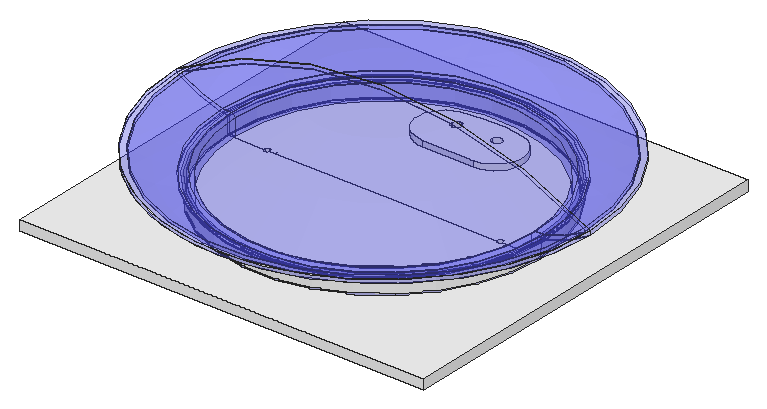
Revit family "BE_50505_de_DE", category Leuchten, Revit 2020
Family settings
  Basisbauteil = Fläche
  Bemaßung runder Anschluss = Durchmesser verwenden
  Teiletyp = Normal
  Beim Laden mit Abzugskörper schneiden = Ja
  Lichtquelle = Ja
  Gemeinsam genutzt = Nein
  Raumberechnungspunkt = Ja
Parameters (values of type "BEGA_50505_K3")
  built-in parameter 1150104 = 13.681 (stored number, unit not read)
  Wattage = 16.4 W
  Default Elevation = 0 mm
  built-in parameter 1150113 = 1 (stored number, unit not read)
  built-in parameter 1114218 = 1 (stored number, unit not read)
  Umgebungstemperatur = "25 °C"
  URL = "https://www.bega.com/de/produkt/50505"
  Typenkommentare = "© 2022 BEGA. Wir behalten uns das Recht vor, technische Änderungen ohne vorherige Ankündigung vorzunehmen."  # constant formula
  built-in parameter 1150134 = (empty or 0)
  built-in parameter 1150109 = 1 (stored number, unit not read)
  Strom = ""
  built-in parameter 1150110 = 1 (stored number, unit not read)
  Spannung = 239.996 V
  Sonderanfertigung = no
  Seriennummer [instance] = "Hier können Sie die eindeutige Seriennummer für das Facility Management eintragen."
  Schutzklasse = "I"
  Schutzart = "IP 20"
  Scheinlast = 0 VA
  Produktdatenblatt = "https://cdn.bega.com/bega/products/50505K3/current/documents/data-sheets/de"
  Oberflächentemperatur = ""
  Neigungswinkel = 0.00°
  Modell = "50505K3"
  Material_34 = BEGA_Oberfläche_Samtweiss_matt
  Material_11 = BEGA_Glas_opal
  M_W = no
  M_G = no
  M_A = no
  Logo = 0
  built-in parameter 1114217 = 1 (stored number, unit not read)
  built-in parameter 1150139 = (empty or 0)
  built-in parameter 1150105 = 2415.1 (stored number, unit not read)
  built-in parameter 1150114 = 1 (stored number, unit not read)
  Lumens = 2415.06 lm
  built-in parameter 1150115 = 1 (stored number, unit not read)
  Leuchtenlichtstrom = "1803 lm"
  Leuchtenanzahl = ""
  Lebensdauerkriterien = "L70B50 @ 25 °C = 145000 h"
  Lastklassifizierung = Beleuchtung
  built-in parameter 1150112 = 1 (stored number, unit not read)
  Lampenlichtstrom = "2415 lm"
  Lampe = "LED 16.4 W"
  LED_Modulbezeichnung = "LED-0511/930"
  Hersteller = "BEGA"  # constant formula
  Halbstreuwinkel = ""
  Gewicht = "2.45 kg"
  Gebrauchslageneinschränkung [instance] = ""
  Frequenz = "0/50-60 Hz"
  Farbwiedergabeindex = "CRI > 90"
  Farbtemperaturverschiebung bei Dämpfen der Lampe = <Keine Auswahl>
  Farbtemperatur = "3000 K"
  Color Filter = 16777215
  built-in parameter 1150133 = 10 (stored number, unit not read)
  Energieeffizienzklasse = "LED A++ - A"
  built-in parameter 1150137 = (empty or 0)
  built-in parameter 1150132 = (empty or 0)
  ENEC = "ja"
  Dimmbar [instance] = "on/off"
  Datei für fotometrisches Netz = "BE_50505K3.IES"
  CE_Konformität = "ja"
  Bestellnummer = "50505K3"
  Beschreibung_Sonderanfertigung = "Hier können Sie Informationen zur Sonderanfertigung eintragen."
  Beschreibung = "Decken- und Wandleuchte"
  built-in parameter 1150106 = 24.151 (stored number, unit not read)
  Befestigungsbohrung = "Ø 5,5 mm"
  Befestigungsabstand = "230 mm"
  Ballwurfsicher = ""
  BEGA_Intern_aus = yes
  BEGA_Intern_an = yes
  BEGA_Intern_Konstruktion = yes
  BEGA_Intern = yes
  BEGA_IES = yes
  BEGA_Dummy = no
  Anschlussleitung = ""
  Anschlussleistung [instance] = "19.6 W"
  Anschlusskasten = ""
  built-in parameter 1150107 = 3000 (stored number, unit not read)
  built-in parameter 1150102 = (empty or 0)
  built-in parameter 1150138 = (empty or 0)
  Aktualisierung = "2022-11-01T04:00:04"
  Abstand_zur_angestrahlten_Fläche [instance] = ""
  AC/DC = "AC/DC"
Types (2, lengths in mm): name | built-in parameter 1150104 | Modell | built-in parameter 1150105 | Lumens | Leuchtenlichtstrom | Lampenlichtstrom | LED_Modulbezeichnung | Farbtemperatur | Datei für fotometrisches Netz | Bestellnummer | built-in parameter 1150106 | built-in parameter 1150107
  BEGA_50505_K3 | 13.681 (stored number, unit not read) | "50505K3" | 2415.1 (stored number, unit not read) | 2415.06 lm | "1803 lm" | "2415 lm" | "LED-0511/930" | "3000 K" | "BE_50505K3.IES" | "50505K3" | 24.151 (stored number, unit not read) | 3000 (stored number, unit not read)
  BEGA_50505_K27 | 13.228 (stored number, unit not read) | "50505K27" | 185.82 (stored number, unit not read) | 2335.03 lm | "1743 lm" | "2335 lm" | "LED-0511/927" | "2700 K" | "BE_50504K27.ies" | "50505K27" | 1.8582 (stored number, unit not read) | 2700 (stored number, unit not read)
Reference planes
  plane 1 "Mitte (Vorne/Hinten)": y = 0
  plane 2: z = 0
  plane 3 "Mitte (Links/Rechts)": x = 0
  plane 4 "Links": x = -205
  plane 5 "Rechts": x = 205
  plane 6 "Unten": y = -205
  plane 7 "Oben": y = 205
  plane 8 "Vorne": z = 100.8
  plane 9 "Hinten": z = 0
Forms (mm)
  Extrusion 1, solid, material "BEGA_Platte_Weiss"
    sketch origin (0, -1119.2, 0) x (1, 0, 0) y (0, 1, 0)
      loop
        line (-200, 1319.2) -> (-200, 919.2) -> (200, 919.2) -> (200, 1319.2) -> (-200, 1319.2)
    from 0 to -10
  Extrusion 2, solid, material "BEGA_Dummy_matt", visible <- "BEGA_Dummy"
    sketch origin (77.149, -76.023, 0) x (1, 0, 0) y (0, 1, 0)
      loop
        circle (-77.149, 76.023) r 205
    from 0 to 100.8
Dimensions and locks
  plane 1 "Mitte (Vorne/Hinten)" to Extrusion 1 = 200 mm
  aligned and locked: plane 2 to Extrusion 1
  aligned and locked: level to Extrusion 1
Nested families
  nested 1: "BE_50505_Leuchte" at (0, 0, 0), type "BE_50505_Leuchte"
Connectors
  electrical at (0, 0, 0), driven by "Lastklassifizierung", driven by "Spannung", driven by "Scheinlast"
    settings: index 1, voltage 239.996 V, apparent load 0 VA, apparent load phase1 0 VA, apparent load phase2 0 VA, apparent load phase3 0 VA, power factor 1, load classification "Beleuchtung", number of poles 1, system type 31, power factor state 1, is connector primary yes, connector utility no, sub classification motor no, connector description ""
Definition of nested family "BE_50505_Leuchte"
  Parameters (values of type "BE_50505_Leuchte")
    Default Elevation = 1 mm
    URL = "http://www.bega.de/de/produkt"
    Type Comments = "© 2015 BEGA. Wir behalten uns das Recht vor, technische Änderungen ohne vorherige Ankündigung vorzunehmen. "  # constant formula
    Type Image = (empty or 0)
    Material_34 = none
    Material_11 = none
    Länge_Platte = 200 mm  # constant formula
    Höhe_Platte = -10 mm  # constant formula
    Manufacturer = "BEGA"  # constant formula
    Breite_Platte = 200 mm  # constant formula
  Reference planes
    plane 1 "Mitte (Oben/Unten)": y = 0
    plane 2: z = 0
    plane 3 "Mitte (Links/Rechts)": x = 0
    plane 4: z = 100.8
    plane 5: x = -205
    plane 6: x = 205
    plane 7: z = 0
    plane 8: y = 205
    plane 9: y = -205
  Forms (mm)
    Extrusion 1, solid, detail levels medium
      sketch origin (0, 0, 0) x (1, 0, 0) y (0, 1, 0)
        loop
          line (-100, 100) -> (-100, -100) -> (100, -100) -> (100, 100) -> (-100, 100)
      from 0 to -10 <- "Höhe_Platte"
    Revolve 2, solid, material <- "Material_34"
      sketch origin (0, 0, 0) x (1, 0, 0) y (0, 0, 1)
        loop
          arc (156.831, 20.8) -> (155.563, 20.284) -> (155.024, 19.025) r 1.8
          line (155.024, 19.025) -> (154.767, 4.283)
          arc (154.767, 4.283) -> (154.468, 3.587) -> (153.767, 3.3) r 1
          line (153.767, 3.3) -> (0, 3.3) -> (0, 2.3) -> (153.767, 2.3)
          arc (153.767, 2.3) -> (155.169, 2.873) -> (155.767, 4.265) r 2
          line (155.767, 4.265) -> (156.024, 19.01)
          arc (156.024, 19.01) -> (156.264, 19.571) -> (156.829, 19.8) r 0.8
          line (156.829, 19.8) -> (159, 19.8) -> (159, 20.8) -> (156.831, 20.8)
        axis (0, 2.3) -> (0, 20.8)
      angle from 0 to 360
    Extrusion 3, solid, material <- "Material_34"
      sketch origin (0, 0, 0) x (1, 0, 0) y (0, 1, 0)
        loop
          circle (-115, 0) r 7.599
        loop
          circle (115, 0) r 7.599
      from 0 to 2.3
    Extrusion 4, void
      sketch origin (0, 0, 0) x (1, 0, 0) y (0, 1, 0)
        loop
          circle (-115, 0) r 2.75
        loop
          circle (115, 0) r 2.75
      from 0 to 3.3
    Extrusion 5, solid, material <- "Material_34"
      sketch origin (0, 0, 0) x (1, 0, 0) y (0, 1, 0)
        loop
          arc (31.165, 132.763) -> (0, 136.372) -> (-31.165, 132.763) r 136.372
          arc (-31.165, 132.763) -> (-51.798, 103.397) -> (-25, 79.523) r 26.977
          line (-25, 79.523) -> (25, 79.523)
          arc (25, 79.523) -> (51.798, 103.397) -> (31.165, 132.763) r 26.977
      from 3.3 to 8.8
    Extrusion 6, void
      sketch origin (0, 0, 0) x (1, 0, 0) y (0, 1, 0)
        loop
          circle (-20, 115) r 5
        loop
          circle (20, 115) r 5
      from 2.279 to 8.8
    Revolve 7, solid, material <- "Material_11"
      sketch origin (0, 0, 0) x (1, 0, 0) y (0, 0, 1)
        loop
          line (0, 100.9) -> (0, 96.902)
          arc (0, 96.902) -> (102.409, 83.43) -> (197.85, 43.932) r 395.997
          arc (197.85, 43.932) -> (198.851, 42.176) -> (197.809, 40.444) r 2
          arc (197.809, 40.444) -> (179.308, 31.05) -> (159.473, 24.954) r 121.001
          line (159.473, 24.954) -> (150.807, 24.5)
          arc (150.807, 24.5) -> (148.173, 23.575) -> (146.458, 21.373) r 4.956
          line (146.458, 21.373) -> (146.458, 4.9) -> (152.494, 4.9) -> (152.494, 20.583) -> (160, 20.976)
          arc (160, 20.976) -> (183.46, 28.449) -> (205, 40.375) r 125
          line (205, 40.375) -> (205, 44.375)
          arc (205, 44.375) -> (106.325, 86.51) -> (0, 100.9) r 400.002
        axis (0, 4.9) -> (0, 100.9)
      angle from 0 to 360
  Cuts and joins
    Extrusion 4, Extrusion 6 cuts Revolve 2
    Extrusion 4, Extrusion 6 cuts Extrusion 3
    Extrusion 6 cuts Extrusion 5
    joined: Revolve 2, Extrusion 3, Extrusion 5
  Dimensions and locks
    equal spacing: Extrusion 1 sketch curve, plane 3 "Mitte (Links/Rechts)", Extrusion 1 sketch curve
    equal spacing: Extrusion 1 sketch curve, plane 1 "Mitte (Oben/Unten)", Extrusion 1 sketch curve
    "Länge_Platte": Extrusion 1 sketch curve to Extrusion 1 sketch curve
    "Breite_Platte": Extrusion 1 sketch curve to Extrusion 1 sketch curve
    plane 1 "Mitte (Oben/Unten)" to Extrusion 1 = 100 mm  (x3)
    aligned and locked: plane 2 to Extrusion 1
    aligned and locked: level to Extrusion 1
  Automatic sketch dimensions
    level to Revolve 2 sketch curve = 20.8 mm
    Revolve 2 sketch curve to Revolve 2 sketch curve = 2.169 mm
    Revolve 2 sketch curve to Revolve 2 sketch curve = 1 mm  (x5)
    Revolve 2 sketch curve to Revolve 2 sketch curve = 0.002 mm
    Revolve 2 sketch curve to Revolve 2 sketch curve = 0.005 mm
    Revolve 2 sketch curve to Revolve 2 sketch curve = 0.8 mm  (x2)
    Revolve 2 sketch curve to Revolve 2 sketch curve = 0 mm  (x10)
    level to Revolve 2 sketch curve = 4.265 mm
    Revolve 2 sketch curve to Revolve 2 sketch curve = 0.257 mm
    level to Revolve 2 sketch curve = 4.283 mm
    Revolve 2 sketch curve to Revolve 2 sketch curve = 0.017 mm
    Revolve 2 sketch curve to plane 3 "Mitte (Links/Rechts)" = 0 mm
    Revolve 2 sketch curve to Revolve 2 sketch curve = 153.767 mm
    level to Revolve 2 sketch curve = 2.3 mm
    plane 1 "Mitte (Oben/Unten)" to Extrusion 5 sketch curve = 0 mm
    Extrusion 5 sketch curve to plane 3 "Mitte (Links/Rechts)" = 0 mm
    Extrusion 5 sketch curve to plane 3 "Mitte (Links/Rechts)" = 25 mm  (x2)
    Extrusion 5 sketch curve to plane 1 "Mitte (Oben/Unten)" = 106.5 mm
    Extrusion 5 sketch curve to Extrusion 5 sketch curve = 6.165 mm
    Extrusion 5 sketch curve to Extrusion 5 sketch curve = 0 mm  (x4)
    plane 3 "Mitte (Links/Rechts)" to Extrusion 5 sketch curve = 31.165 mm
    plane 3 "Mitte (Links/Rechts)" to Extrusion 5 sketch curve = 25 mm
    Extrusion 5 sketch curve to Extrusion 5 sketch curve = 50 mm
    Revolve 7 sketch curve to plane 3 "Mitte (Links/Rechts)" = 0.002 mm
    Revolve 7 sketch curve to plane 3 "Mitte (Links/Rechts)" = 0 mm  (x2)
    plane 3 "Mitte (Links/Rechts)" to Revolve 7 sketch curve = 133.977 mm
    Revolve 7 sketch curve to Revolve 7 sketch curve = 0 mm  (x3)
    level to Revolve 7 sketch curve = 4.9 mm
    Revolve 7 sketch curve to Revolve 7 sketch curve = 12.481 mm
    Revolve 7 sketch curve to Revolve 7 sketch curve = 4.609 mm
    Revolve 7 sketch curve to Revolve 7 sketch curve = 6.037 mm
    level to Revolve 7 sketch curve = 24.954 mm
    Revolve 7 sketch curve to Revolve 7 sketch curve = 6.979 mm
    level to Revolve 7 sketch curve = 20.976 mm
    Revolve 7 sketch curve to Revolve 7 sketch curve = 0.527 mm
    Revolve 7 sketch curve to Revolve 7 sketch curve = 37.378 mm
    Revolve 7 sketch curve to Revolve 7 sketch curve = 0.006 mm
    Revolve 7 sketch curve to Revolve 7 sketch curve = 1.425 mm
    Revolve 7 sketch curve to Revolve 7 sketch curve = 1.032 mm
    Revolve 7 sketch curve to Revolve 7 sketch curve = 17.246 mm
    Revolve 7 sketch curve to Revolve 7 sketch curve = 101.038 mm
    Revolve 7 sketch curve to Revolve 7 sketch curve = 1.687 mm
    Revolve 7 sketch curve to Revolve 7 sketch curve = 0.958 mm
    Revolve 7 sketch curve to Revolve 7 sketch curve = 7.15 mm
    Revolve 7 sketch curve to Revolve 7 sketch curve = 1.822 mm
    Revolve 7 sketch curve to Revolve 7 sketch curve = 4 mm
    Revolve 7 sketch curve to Revolve 7 sketch curve = 42.338 mm
